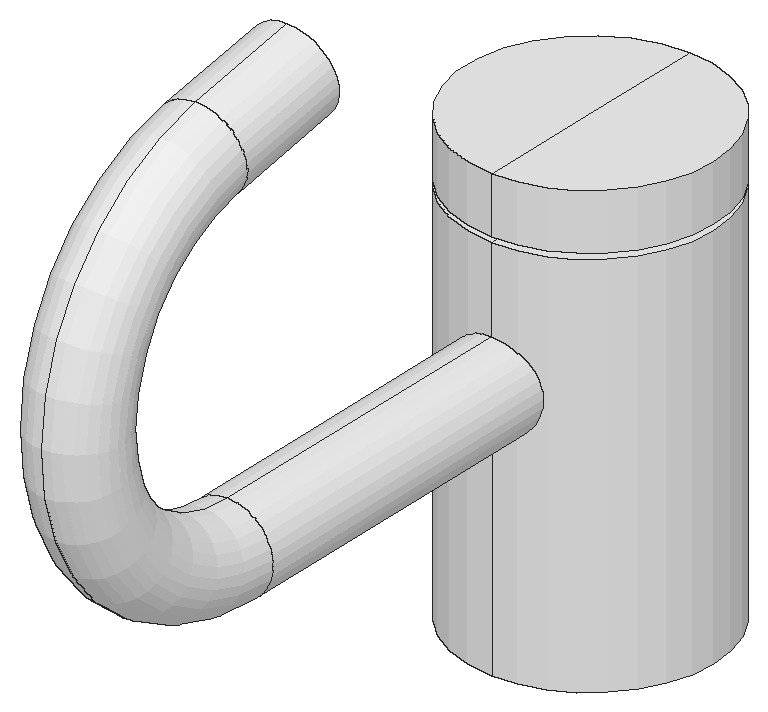
Revit family "Robe Hook-Single-Caroma Titan", category Specialty Equipment, host Face, Revit 2013
Parameters (values of type "Standard")
  URL = "http://www.caroma.com.au/"
  Type Comments = "Caroma Titan Robe Hook"  # constant formula
  ModifiedIssue_ANZRS = 1  # constant formula
  Model = "99012SS"  # constant formula
  Material_ANZRS = Metal-Chrome-Caroma
  Manufacturer = "GWA Bathrooms & Kitchens"  # constant formula
  Length_ANZRS = 22 mm  # constant formula
  Description = ""
  Default Elevation = 1500 mm
  CreatedBy_ANZRS = "Design Content"  # constant formula
  CreatedByURL_ANZRS = "www.designcontent.com.au"
  Cost = 0
  Assembly Code = "C1030200"
Reference planes
  plane 1 "Center (Elevation)": y = 0
  plane 2 "Back": z = 0
  plane 3 "Center (Left/Right)": x = 0
  plane 4 "Top": y = 11
  plane 5 "Front": z = 62
  plane 6 "Left": x = -11
  plane 7 "Right": x = 11
  plane 8 "Bottom": y = -11
Forms (mm)
  Revolve 1, solid, material "Metal-Chrome-Caroma" <- "Material_ANZRS"
    sketch origin (0, 0, 0) x (0, 1, 0) y (0, 0, 1)
      loop
        line (0, 0) -> (11, 0) -> (11, 34.5) -> (8.64, 34.5) -> (8.64, 36.5) -> (0, 36.5) -> (0, 0)
      axis (0, 36.5) -> (0, 0)
    angle from 0 to 360
  Revolve 2, solid, material "Metal-Chrome-Caroma" <- "Material_ANZRS"
    sketch origin (0, 0, 0) x (0, 1, 0) y (0, 0, 1)
      loop
        line (11, 40) -> (0, 40) -> (0, 35) -> (11, 35) -> (11, 40)
      axis (0, 40) -> (0, 35)
    angle from 0 to 360
  Sweep 3, solid, material "Metal-Chrome-Caroma" <- "Material_ANZRS"
    path origin (0, 0, 0) x (0, 1, 0) y (0, 0, 1)
      loop
        line (0, 23) -> (-40.275, 23)
        arc (-40.275, 23) -> (-56.941, 38.271) -> (-43.18, 56.205) r 16.73
        line (-43.18, 56.205) -> (-33.017, 57.997)
    profile origin (0, -20.138, 23) x (0, 0, -1) y (1, 0, 0)
      loop
        circle (0, 0) r 4
Cuts and joins
  joined: Revolve 1, Revolve 2, Sweep 3
Dimensions and locks
  aligned and locked: plane 2 "Back" to host face
  aligned and locked: level to host face
